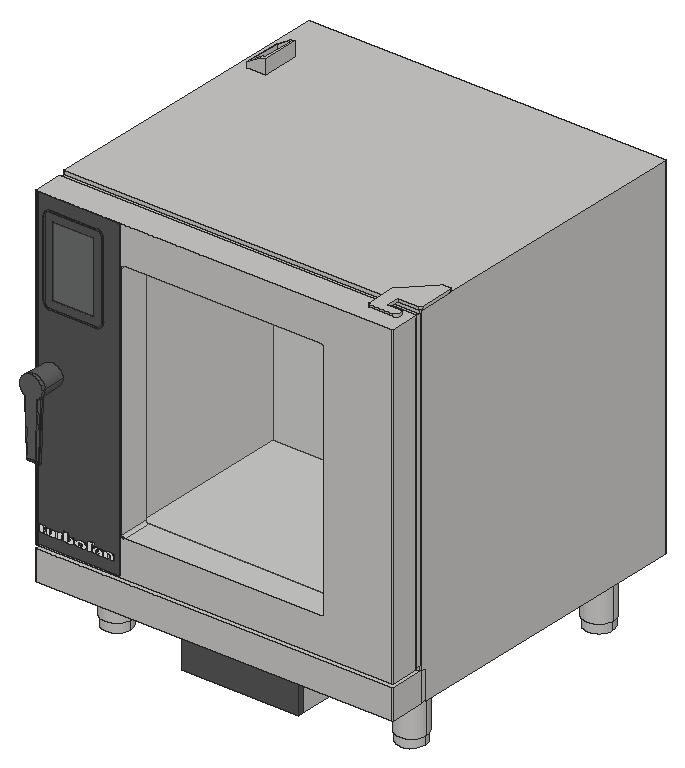
Revit family "QF_MOFFAT_PFEN071--", category Specialty Equipment, Revit 2019
Family settings
  Round Connector Dimension = Use Diameter
  Part Type = Normal
  OmniClass Number = 23.40.40.14
  OmniClass Title = Food Service Equipment
  Work Plane-Based = No
  Always vertical = Yes
  Cut with Voids When Loaded = No
  Shared = No
  Room Calculation Point = No
Parameters (values of type "PFEN071 (480V 3Ph 60Hz) - RH")
  R6 = 6 mm  # constant formula
  Mat_Handle = QF_Plastic-Black-Matte
  Mat_Glass = QF_Glass-Tempered-Clear
  Logo_X = if(Left hinged, 680 mm, 90 mm)  # 90 mm
  Handle_Z = 415 mm  # constant formula
  Filtered Treated Water Supply Size = 20 mm
  Filtered Treated Water Quality = ""
  Filtered Treated Water Flow = 0.0 L/min
  Filtered Treated Water Connection Height = 102 mm
  Exhaust Vent Width = 40 mm
  Exhaust Vent Height = 887 mm
  Exhaust Vent Depth = 80 mm
  Exhaust Static Press = 0.0 Pa
  Direct Waste Size = 40 mm
  Direct Waste Connection Height = 95 mm
  DX_ = if(Right hinged, 0 mm, 20 mm)  # 0 mm
  Weight = 90.00 kg
  Volts = 480 V
  Volt Free Conn = no
  URL Manufacturer = "https://www.moffat.com"
  URL Cutsheet = "PFEN064_0124_en.pdf"
  URL = ""
  Show Symbol [instance] = yes
  Show Opening [instance] = yes
  Show Logo [instance] = yes
  Show Clearance [instance] = no
  SX_ = if(Left hinged, 0 mm, 20 mm)  # 20 mm
  Right hinged = not(Left hinged)  # yes
  R2 = 2 mm  # constant formula
  Potential Equalisation = no
  Leg_R3 = 40 mm  # constant formula
  Leg_R2 = 32.5 mm  # constant formula
  Leg_R1 = 30 mm  # constant formula
  Phase = 3
  Number of Poles = 3
  Model = "PFEN071"
  Mat_Legs = QF_Stainless-Brushed
  Mat_Clearance = QF_Clearance
  Mat_Case = QF_Stainless-Brushed
  Mat_Plastic-Black = QF_Plastic-Black-Glossy
  Masterspec = ""
  Manufacturer = "MOFFAT"
  Main switch integrated = no
  Length Actual = 777 mm  # constant formula
  Legs Height = 120 mm  # constant formula
  Left hinged = no
  Keynote = "0"
  Item Number = "PFEN071"
  Identify Quantity as Lot = no
  Height Actual = 887 mm  # constant formula
  Foodservice Equipment Identifier = yes
  FL Amps = 18 A
  Electrical Remarks = "electrical connection with terminal box"
  Electric power = 12500 W
  Elec Connection Height = 102 mm
  Description = "Electric Combi Oven for bakery&pastry, 7 Trays 600x400"
  Description_FR = ""
  Description_ES = ""
  Description_EN = ""
  Description_DE = ""
  Depth Actual = 744 mm  # constant formula
  Cycle = 60 Hz
  Conn Plug = ""
  Cold Water Size = 20 mm
  Cold Water Consumption = ""
  Cold Water Connection Height = 102 mm
  Clearance_Upper = 500 mm  # constant formula
  Clearance_Side_RH = 50 mm  # constant formula
  Clearance_Side_LH = 50 mm  # constant formula
  Clearance_Rear = 500 mm  # constant formula
  Clearance_Front = 715 mm  # constant formula
  Case_Height = Height Actual - Legs Height  # 767 mm
  CE Approved = yes
  Author = ""
  Accessory = no
Types (20, lengths in mm): name | Logo_X | DX_ | Volts | SX_ | Right hinged | Left hinged | Cycle
  PFEN071 (230V 3Ph 50Hz) - LH | 680 | 20 | 230 V | 0 | no | yes | 50 Hz
  PFEN071 (230V 3Ph 50Hz) - RH | 90 | 0 | 230 V | 20 | yes | no | 50 Hz
  PFEN071 (400V 3NPh 50Hz) - LH | 680 | 20 | 400 V | 0 | no | yes | 50 Hz
  PFEN071 (400V 3NPh 50Hz) - RH | 90 | 0 | 400 V | 20 | yes | no | 50 Hz
  PFEN071 (400V 3Ph 50Hz) - LH | 680 | 20 | 400 V | 0 | no | yes | 50 Hz
  PFEN071 (400V 3Ph 50Hz) - RH | 90 | 0 | 400 V | 20 | yes | no | 50 Hz
  PFEN071 (400V 3Ph 60Hz) - LH | 680 | 20 | 400 V | 0 | no | yes | 60 Hz
  PFEN071 (400V 3Ph 60Hz) - RH | 90 | 0 | 400 V | 20 | yes | no | 60 Hz
  PFEN071 (440V 3Ph 50Hz) - LH | 680 | 20 | 440 V | 0 | no | yes | 50 Hz
  PFEN071 (440V 3Ph 50Hz) - RH | 90 | 0 | 440 V | 20 | yes | no | 50 Hz
  PFEN071 (440V 3Ph 60Hz) - LH | 680 | 20 | 440 V | 0 | no | yes | 60 Hz
  PFEN071 (440V 3Ph 60Hz) - RH | 90 | 0 | 440 V | 20 | yes | no | 60 Hz
  PFEN071 (440V 3NPh 50Hz) - LH | 680 | 20 | 440 V | 0 | no | yes | 50 Hz
  PFEN071 (440V 3NPh 50Hz) - RH | 90 | 0 | 440 V | 20 | yes | no | 50 Hz
  PFEN071 (440V 3NPh 60Hz) - LH | 680 | 20 | 440 V | 0 | no | yes | 60 Hz
  PFEN071 (440V 3NPh 60Hz) - RH | 90 | 0 | 440 V | 20 | yes | no | 60 Hz
  PFEN071 (480V 3Ph 50Hz) - LH | 680 | 20 | 480 V | 0 | no | yes | 50 Hz
  PFEN071 (480V 3Ph 50Hz) - RH | 90 | 0 | 480 V | 20 | yes | no | 50 Hz
  PFEN071 (480V 3Ph 60Hz) - LH | 680 | 20 | 480 V | 0 | no | yes | 60 Hz
  PFEN071 (480V 3Ph 60Hz) - RH | 90 | 0 | 480 V | 20 | yes | no | 60 Hz
Reference planes
  plane 1 "Center (Front/Back)": y = 0
  plane 2: z = 0
  plane 3 "Center (Left/Right)": x = 0
  plane 4 "SX": x = -388.5
  plane 5 "DX": x = 388.5
  plane 6 "FRONT": y = -744
  plane 7 "High": z = 887
  plane 8 "BASE": z = 120
  plane 9: y = -98
  plane 10: y = -608
  plane 11: x = -320.5
  plane 12: x = 320.5
  plane 13: x = -438.5
  plane 14: x = 438.5
  plane 15: y = 500
  plane 16: z = 1387
  plane 17: z = 20
  plane 18: y = -1459
  plane 19: x = -308.5
  plane 20: x = 308.5
  plane 21: y = -200
  plane 22: y = -668
  plane 23: y = -653
  plane 24: z = 184
  plane 25: z = 822
  plane 26: z = 882
  plane 27: z = 270
  plane 28: z = 802
  plane 29: y = 49
  plane 30: z = 857
  plane 31: y = -114
  plane 32: y = -194
  plane 33: x = -368.5
  plane 34: x = -328.5
  plane 35: x = -128
  plane 36: x = 128
  plane 37: z = 8
Forms (mm)
  Extrusion 1, solid, material "QF_Clearance", visible <- "Show Clearance"
    sketch origin (0, 0, 0) x (1, 0, 0) y (0, 1, 0)
      loop
        line (-438.5, -744) -> (438.5, -744) -> (438.5, 0) -> (-438.5, 0) -> (-438.5, -744)
    from 0 to 887
  Extrusion 2, solid, material "QF_Clearance", visible <- "Show Clearance"
    sketch origin (0, 0, 0) x (1, 0, 0) y (0, 1, 0)
      loop
        line (-388.5, -1459) -> (388.5, -1459) -> (388.5, 500) -> (-388.5, 500) -> (-388.5, -1459)
    from 0 to 887
  Extrusion 3, solid, material "QF_Clearance", visible <- "Show Clearance"
    sketch origin (0, 0, 0) x (1, 0, 0) y (0, 1, 0)
      loop
        line (-388.5, -744) -> (388.5, -744) -> (388.5, 0) -> (-388.5, 0) -> (-388.5, -744)
    from 0 to 1387
  Extrusion 4, solid, material "QF_Stainless-Brushed" <- "Mat_Legs", detail levels medium+fine
    sketch origin (-1136.263, -1524, 20) x (-1, 0, 0) y (0, -1, 0)
      loop
        circle (-815.763, -1426) r 32.5
      loop
        circle (-815.763, -916) r 32.5
      loop
        circle (-1456.763, -1426) r 32.5
      loop
        circle (-1456.763, -916) r 32.5
    from 0 to 100
  Extrusion 5, solid, material "QF_Stainless-Brushed" <- "Mat_Legs", detail levels medium+fine
    sketch origin (0, 0, 0) x (1, 0, 0) y (0, 1, 0)
      loop
        circle (-320.5, -98) r 30
      loop
        circle (320.5, -98) r 30
      loop
        circle (-320.5, -608) r 30
      loop
        circle (320.5, -608) r 30
    from 0 to 20
  Extrusion 6, solid, material "QF_Stainless-Brushed" <- "Mat_Case", detail levels medium+fine
    sketch origin (-1043.679, -1524, 184) x (-1, 0, 0) y (0, -1, 0)
      loop
        arc (-657.179, -1524) -> (-655.765, -1523.414) -> (-655.179, -1522) r 2
        line (-655.179, -1522) -> (-655.179, -873) -> (-660.179, -873) -> (-660.179, -871) -> (-655.179, -871) -> (-655.179, -858)
        arc (-655.179, -858) -> (-655.765, -856.586) -> (-657.179, -856) r 2
        line (-657.179, -856) -> (-735.179, -856) -> (-735.179, -1324) -> (-1352.179, -1324) -> (-1352.179, -856) -> (-1430.179, -856)
        arc (-1430.179, -856) -> (-1431.594, -856.586) -> (-1432.179, -858) r 2
        line (-1432.179, -858) -> (-1432.179, -871) -> (-1427.179, -871) -> (-1427.179, -873) -> (-1432.179, -873) -> (-1432.179, -1522)
        arc (-1432.179, -1522) -> (-1431.594, -1523.414) -> (-1430.179, -1524) r 2
        line (-1430.179, -1524) -> (-657.179, -1524)
    from 0 to 638
  Extrusion 7, solid, material "QF_Stainless-Brushed" <- "Mat_Case", detail levels medium+fine
    sketch origin (0, 0, 120) x (-1, 0, 0) y (0, -1, 0)
      loop
        arc (386.5, 0) -> (387.914, 0.586) -> (388.5, 2) r 2
        line (388.5, 2) -> (388.5, 653) -> (386.5, 653) -> (386.5, 668) -> (388.5, 668) -> (388.5, 742)
        arc (388.5, 742) -> (387.914, 743.414) -> (386.5, 744) r 2
        line (386.5, 744) -> (-386.5, 744)
        arc (-386.5, 744) -> (-387.914, 743.414) -> (-388.5, 742) r 2
        line (-388.5, 742) -> (-388.5, 668) -> (-386.5, 668) -> (-386.5, 653) -> (-388.5, 653) -> (-388.5, 2)
        arc (-388.5, 2) -> (-387.914, 0.586) -> (-386.5, 0) r 2
        line (-386.5, 0) -> (386.5, 0)
    from 0 to 64
  Extrusion 8, solid, material "QF_Stainless-Brushed" <- "Mat_Case", detail levels medium+fine
    sketch origin (-1043.679, -1524, 822) x (-1, 0, 0) y (0, -1, 0)
      loop
        arc (-657.179, -1524) -> (-655.765, -1523.414) -> (-655.179, -1522) r 2
        line (-655.179, -1522) -> (-655.179, -858)
        arc (-655.179, -858) -> (-655.765, -856.586) -> (-657.179, -856) r 2
        line (-657.179, -856) -> (-1430.179, -856)
        arc (-1430.179, -856) -> (-1431.594, -856.586) -> (-1432.179, -858) r 2
        line (-1432.179, -858) -> (-1432.179, -1522)
        arc (-1432.179, -1522) -> (-1431.594, -1523.414) -> (-1430.179, -1524) r 2
        line (-1430.179, -1524) -> (-657.179, -1524)
    from 0 to 65
  Extrusion 9, solid, material "QF_Stainless-Brushed" <- "Mat_Case", detail levels medium+fine
    sketch origin (-388.5, 180.447, 4000) x (0, 1, 0) y (0, 0, 1)
      loop
        line (-131.447, -3488) -> (-131.447, -3192) -> (-180.447, -3143) -> (-180.447, -3488) -> (-131.447, -3488)
    from 70 to 220
  Extrusion 10, solid, material "QF_Stainless-Brushed" <- "Mat_Case", detail levels medium+fine
    sketch origin (0, 0, 887) x (-1, 0, 0) y (0, -1, 0)
      loop
        line (368.5, 114) -> (368.5, 194) -> (328.5, 194) -> (328.5, 114) -> (368.5, 114)
      loop
        line (363.5, 119) -> (363.5, 189) -> (333.5, 189) -> (333.5, 119) -> (363.5, 119)
    from 0 to 30
  Extrusion 11, void
    sketch origin (-528.5, -114, 7500) x (1, 0, 0) y (0, 0, 1)
      loop
        line (160, -6583) -> (160, -6603) -> (190, -6583) -> (160, -6583)
    from 0 to 80
  Extrusion 12, solid, material "QF_Plastic-Black-Glossy" <- "Mat_Plastic-Black", detail levels medium+fine
    sketch origin (-619.833, -668, 7500) x (-1, 0, 0) y (0, 0, 1)
      loop
        line (-491.833, -7492) -> (-491.833, -7411)
        arc (-491.833, -7411) -> (-480.833, -7400) -> (-491.833, -7389) r 11
        line (-491.833, -7389) -> (-747.833, -7389)
        arc (-747.833, -7389) -> (-758.833, -7400) -> (-747.833, -7411) r 11
        line (-747.833, -7411) -> (-747.833, -7492) -> (-491.833, -7492)
    from -5 to 5
  Extrusion 13, solid, material "QF_Stainless-Brushed" <- "Mat_Case", detail levels medium+fine
    sketch origin (-619.833, -668, 7500) x (-1, 0, 0) y (0, 0, 1)
      loop
        line (-491.833, -7492) -> (-491.833, -7380) -> (-747.833, -7380) -> (-747.833, -7492) -> (-491.833, -7492)
    from 5 to 468
  Extrusion 14, solid, material "QF_Stainless-Brushed" <- "Mat_Case", detail levels medium+fine
    sketch origin (-619.833, -200, 7500) x (-1, 0, 0) y (0, 0, 1)
      loop
        circle (-619.833, -7405) r 20
    from 0 to 200
Cuts and joins
  joined: Extrusion 1, Extrusion 2, Extrusion 3
  joined: Extrusion 4, Extrusion 5
  joined: Extrusion 6, Extrusion 7, Extrusion 8
  Extrusion 11 cuts Extrusion 10
Lines and regions (mm)
  model lines, style "InvisibleLines"
    curve 1: line (-50, 0, 0) -> (50, 0, 0)
    curve 2: line (0, 50, 0) -> (0, -50, 0)
  model lines, style "QF_Detail Level Coarse", detail levels coarse
    curve 3: line (-388.5, 0, 0) -> (388.5, 0, 0)
    curve 4: line (-388.5, -744, 0) -> (-388.5, 0, 0)
    curve 5: line (388.5, -744, 0) -> (-388.5, -744, 0)
    curve 6: line (388.5, 0, 0) -> (388.5, -744, 0)
    curve 7: line (388.5, -744, 887) -> (388.5, -744, 0)
    curve 8: line (388.5, 0, 887) -> (388.5, 0, 0)
    curve 9: line (-388.5, 0, 887) -> (-388.5, 0, 0)
    curve 10: line (-388.5, 0, 887) -> (388.5, 0, 887)
    curve 11: line (388.5, 0, 887) -> (388.5, -744, 887)
    curve 12: line (-388.5, 0, 887) -> (-388.5, -744, 887)
    curve 13: line (-388.5, -744, 887) -> (388.5, -744, 887)
    curve 14: line (-388.5, -744, 887) -> (-388.5, -744, 0)
Dimensions and locks
  curve 1 to plane 3 "Center (Left/Right)" to curve 1 = 50 mm locked, 50 mm locked
  curve 2 to plane 1 "Center (Front/Back)" to curve 2 = 50 mm locked, 50 mm locked
  locked: plane 6 "FRONT" to plane 1 "Center (Front/Back)" at 744
  equal spacing: plane 4 "SX", plane 3 "Center (Left/Right)", plane 5 "DX"
  locked: plane 4 "SX" to plane 5 "DX" at 777
  "Legs Height": plane 8 "BASE" to plane 2
  "Clearance_Side_RH": plane 5 "DX" to plane 14
  "Clearance_Side_LH": plane 13 to plane 4 "SX"
  "Clearance_Rear": plane 1 "Center (Front/Back)" to plane 15
  "Clearance_Upper": plane 16 to plane 7 "High"
  locked: plane 9 to plane 1 "Center (Front/Back)" at 98
  locked: plane 4 "SX" to plane 11 at 68
  locked: plane 12 to plane 5 "DX" at 68
  "Clearance_Front": plane 6 "FRONT" to plane 18
  plane 17 to plane 2 = 20 mm
  "Case_Height": plane 7 "High" to plane 8 "BASE"
  locked: plane 10 to plane 6 "FRONT" at 136
  locked: plane 4 "SX" to plane 19 at 80
  locked: plane 20 to plane 5 "DX" at 80
  locked: plane 21 to plane 1 "Center (Front/Back)" at 200
  locked: plane 22 to plane 6 "FRONT" at 76
  locked: plane 23 to plane 22 at 15
  locked: Extrusion 6 sketch curve to plane 23 at 2  (x2)
  locked: Extrusion 6 sketch curve to plane 5 "DX" at 5
  locked: plane 4 "SX" to Extrusion 6 sketch curve at 5
  locked: plane 24 to plane 8 "BASE" at 64
  locked: plane 7 "High" to plane 25 at 65
  locked: plane 4 "SX" to Extrusion 7 sketch curve at 2
  locked: Extrusion 7 sketch curve to plane 5 "DX" at 2
  locked: plane 7 "High" to plane 26 at 5
  locked: plane 27 to plane 8 "BASE" at 150
  locked: plane 7 "High" to plane 28 at 85
  "Logo_X": nested 3 to plane 4 "SX"
  locked: plane 1 "Center (Front/Back)" to plane 29 at 49
  locked: plane 7 "High" to Extrusion 9 sketch curve at 375
  locked: plane 7 "High" to plane 30 at 30
  plane 32 to plane 31 to plane 1 "Center (Front/Back)" = 80 mm locked, 114 mm locked
  plane 4 "SX" to plane 33 to plane 34 = 20 mm locked, 40 mm locked
  locked: plane 34 to Extrusion 11 sketch curve at 10
  Extrusion 11 sketch curve to Extrusion 11 sketch curve to plane 7 "High" = 20 mm locked, 10 mm locked
  plane 35 to plane 3 "Center (Left/Right)" to plane 36 = 128 mm locked, 128 mm locked
  locked: plane 8 "BASE" to plane 37 at 112
  locked: plane 8 "BASE" to Extrusion 12 sketch curve at 9
  "Direct Waste Connection Height": Extrusion 14 sketch curve to plane 2
  equal spacing: plane 27, nested 3, plane 24
  "Leg_R2": radius of Extrusion 4 sketch curve  (x4)
  "Leg_R1": radius of Extrusion 5 sketch curve  (x4)
  "R2": radius of Extrusion 6 sketch curve  (x4)
  "R2": radius of Extrusion 7 sketch curve  (x4)
  "R2": radius of Extrusion 8 sketch curve  (x4)
  aligned and locked: level to plane 2
  aligned and locked: plane 1 "Center (Front/Back)" to curve 3
  aligned and locked: plane 4 "SX" to curve 4
  aligned and locked: level to curve 8
  aligned and locked: level to curve 7
  aligned and locked: level to curve 9
  aligned and locked: curve 8 to plane 1 "Center (Front/Back)"
  aligned and locked: curve 9 to plane 1 "Center (Front/Back)"
  aligned and locked: curve 13 to plane 6 "FRONT"
  aligned and locked: curve 10 to plane 7 "High"
  aligned and locked: curve 12 to plane 7 "High"
  aligned and locked: curve 11 to plane 7 "High"
  aligned and locked: curve 9 to curve 11
  aligned and locked: curve 14 to curve 9
  aligned and locked: curve 7 to curve 14
  aligned and locked: Extrusion 1 sketch curve to plane 13
  aligned and locked: Extrusion 1 sketch curve to plane 14
  aligned and locked: Extrusion 1 sketch curve to plane 6 "FRONT"
  aligned and locked: Extrusion 1 sketch curve to plane 1 "Center (Front/Back)"
  aligned and locked: plane 7 "High" to Extrusion 1
  aligned and locked: Extrusion 1 to plane 2
  aligned and locked: Extrusion 2 sketch curve to plane 4 "SX"
  aligned and locked: plane 5 "DX" to Extrusion 2 sketch curve
  aligned and locked: plane 15 to Extrusion 2 sketch curve
  aligned and locked: plane 7 "High" to Extrusion 2
  aligned and locked: Extrusion 2 to plane 2
  aligned and locked: Extrusion 3 sketch curve to plane 4 "SX"
  aligned and locked: plane 5 "DX" to Extrusion 3 sketch curve
  aligned and locked: Extrusion 3 sketch curve to plane 6 "FRONT"
  aligned and locked: Extrusion 3 sketch curve to plane 1 "Center (Front/Back)"
  aligned and locked: Extrusion 3 to plane 2
  aligned and locked: plane 16 to Extrusion 3
  aligned and locked: plane 11 to Extrusion 4 sketch curve  (x2)
  aligned and locked: plane 12 to Extrusion 4 sketch curve  (x2)
  aligned and locked: plane 9 to Extrusion 4 sketch curve  (x2)
  aligned and locked: plane 10 to Extrusion 4 sketch curve  (x2)
  aligned and locked: Extrusion 4 to plane 17
  aligned and locked: plane 11 to Extrusion 5 sketch curve  (x2)
  aligned and locked: plane 12 to Extrusion 5 sketch curve  (x2)
  aligned and locked: plane 9 to Extrusion 5 sketch curve  (x2)
  aligned and locked: plane 10 to Extrusion 5 sketch curve  (x2)
  aligned and locked: Extrusion 5 to plane 2
  aligned and locked: plane 17 to Extrusion 5
  aligned and locked: Extrusion 2 sketch curve to plane 18
  aligned and locked: plane 8 "BASE" to Extrusion 4
  aligned and locked: Extrusion 6 sketch curve to plane 5 "DX"  (x2)
  aligned and locked: plane 1 "Center (Front/Back)" to Extrusion 6 sketch curve
  aligned and locked: plane 4 "SX" to Extrusion 6 sketch curve  (x2)
  aligned and locked: plane 22 to Extrusion 6 sketch curve  (x2)
  aligned and locked: plane 23 to Extrusion 6 sketch curve
  aligned and locked: Extrusion 6 sketch curve to plane 23
  aligned and locked: plane 25 to Extrusion 6
  aligned and locked: Extrusion 6 sketch curve to plane 21
  aligned and locked: plane 19 to Extrusion 6 sketch curve
  aligned and locked: Extrusion 6 sketch curve to plane 20
  aligned and locked: plane 1 "Center (Front/Back)" to Extrusion 7 sketch curve
  aligned and locked: Extrusion 7 sketch curve to plane 5 "DX"  (x2)
  aligned and locked: plane 4 "SX" to Extrusion 7 sketch curve  (x2)
  aligned and locked: plane 6 "FRONT" to Extrusion 7 sketch curve
  aligned and locked: plane 23 to Extrusion 7 sketch curve
  aligned and locked: plane 22 to Extrusion 7 sketch curve  (x2)
  aligned and locked: Extrusion 7 sketch curve to plane 23
  aligned and locked: plane 24 to Extrusion 7
  aligned and locked: plane 1 "Center (Front/Back)" to Extrusion 8 sketch curve
  aligned and locked: plane 22 to Extrusion 8 sketch curve
  aligned and locked: Extrusion 8 sketch curve to plane 5 "DX"
  aligned and locked: plane 4 "SX" to Extrusion 8 sketch curve
  aligned and locked: plane 7 "High" to Extrusion 8
  aligned and locked: Extrusion 9 sketch curve to plane 1 "Center (Front/Back)"
  aligned and locked: plane 30 to Extrusion 9 sketch curve
  aligned and locked: Extrusion 9 sketch curve to plane 29
  aligned and locked: Extrusion 10 sketch curve to plane 31
  aligned and locked: plane 33 to Extrusion 10 sketch curve
  aligned and locked: plane 32 to Extrusion 10 sketch curve
  aligned and locked: Extrusion 10 sketch curve to plane 34
  aligned and locked: plane 33 to Extrusion 11 sketch curve
  aligned and locked: Extrusion 11 to plane 32
  aligned and locked: plane 37 to Extrusion 12 sketch curve
  aligned and locked: Extrusion 12 sketch curve to plane 36
  aligned and locked: Extrusion 12 sketch curve to plane 35
  aligned and locked: plane 35 to Extrusion 13 sketch curve
  aligned and locked: Extrusion 13 sketch curve to plane 36
  aligned and locked: plane 8 "BASE" to Extrusion 13 sketch curve
  aligned and locked: Extrusion 13 sketch curve to plane 37
  aligned and locked: plane 21 to Extrusion 13
  aligned and locked: plane 1 "Center (Front/Back)" to nested 1  (x2)
  aligned and locked: plane 3 "Center (Left/Right)" to nested 1
  aligned and locked: plane 1 "Center (Front/Back)" to nested 4
  aligned and locked: plane 1 "Center (Front/Back)" to nested 5
  aligned and locked: plane 5 "DX" to nested 4
  aligned and locked: plane 5 "DX" to nested 5
  aligned and locked: nested 5 to plane 5 "DX"
  aligned and locked: plane 1 "Center (Front/Back)" to nested 2
  aligned and locked: plane 3 "Center (Left/Right)" to nested 2
  aligned and locked: Extrusion 14 to plane 1 "Center (Front/Back)"
  aligned and locked: nested 6 to plane 6 "FRONT"
  aligned and locked: plane 3 "Center (Left/Right)" to nested 6
  aligned and locked: plane 6 "FRONT" to nested 7
  aligned and locked: plane 3 "Center (Left/Right)" to nested 7
Automatic sketch dimensions
  curve 10 to plane 4 "SX" = 0 mm
  curve 10 to plane 5 "DX" = 0 mm
  curve 2 to plane 3 "Center (Left/Right)" = 0 mm
  curve 5 to plane 5 "DX" = 0 mm
  curve 4 to plane 6 "FRONT" = 0 mm
  plane 1 "Center (Front/Back)" to curve 1 = 0 mm
  curve 8 to plane 7 "High" = 0 mm
  curve 7 to plane 7 "High" = 0 mm
  curve 11 to plane 6 "FRONT" = 0 mm
  curve 11 to plane 1 "Center (Front/Back)" = 0 mm
  curve 12 to plane 6 "FRONT" = 0 mm
  curve 12 to plane 1 "Center (Front/Back)" = 0 mm
  curve 14 to level = 0 mm
  curve 14 to plane 7 "High" = 0 mm
  curve 13 to plane 5 "DX" = 0 mm
  curve 13 to plane 4 "SX" = 0 mm
  plane 28 to Extrusion 9 sketch curve = 6 mm
  Extrusion 10 sketch curve to plane 34 = 5 mm
  plane 33 to Extrusion 10 sketch curve = 5 mm
  Extrusion 10 sketch curve to plane 31 = 5 mm
  plane 32 to Extrusion 10 sketch curve = 5 mm
  Extrusion 12 sketch curve to Extrusion 12 sketch curve = 11 mm  (x2)
  Extrusion 14 sketch curve to plane 3 "Center (Left/Right)" = 0 mm
  radius of Extrusion 14 sketch curve = 20 mm
Nested families
  nested 1: "QF_Connection_SE" at (0, 0, 102), Symbol_Visible <- "Show Symbol", built-in parameter 1001364 <- "Elec Connection Height", type "KTM"
    with Symbol_Width_DX 0 mm, Symbol_Width Offset 0 mm, Symbol_Width DX-SX yes, Symbol_Visible yes, Symbol_Depth_Up-Dn yes, Symbol_Depth_Up 200 mm, Symbol_Depth Offset 100 mm, Symbol Graphic none, Connector_Width_DX 70 mm, Connector Holder_Width Offset 35 mm, Connector Holder_Width DX-SX yes, Connector Holder_Visible no, Connector Holder_Depth Offset 42 mm
  nested 2: "QF_Connection_SE" at (0, 0, 95), Symbol_Visible <- "Show Symbol", built-in parameter 1001364 <- "Direct Waste Connection Height", type "KTM"
    with Symbol_Width_DX 0 mm, Symbol_Width Offset 200 mm, Symbol_Width DX-SX no, Symbol_Visible yes, Symbol_Depth_Up-Dn yes, Symbol_Depth_Up 200 mm, Symbol_Depth Offset 100 mm, Symbol Graphic none, Connector_Width_DX 0 mm, Connector Holder_Width Offset 0 mm, Connector Holder_Width DX-SX yes, Connector Holder_Visible no, Connector Holder_Depth Offset 0 mm
  nested 3: "Combi_Logo_Turbofan160" at (-298.5, -744, 227) x (1, 0, 0) z (0, -1, 0), visible <- "Show Logo", type "KTM", detail levels medium+fine
    with MAT_Handle QF_Plastic-White-Glossy
  nested 4: "QF_Connection_SE" at (388.5, 0, 102), Symbol_Visible <- "Show Symbol", built-in parameter 1001364 <- "Filtered Treated Water Connection Height", type "KTM"
    with Symbol_Width_DX 400 mm, Symbol_Width Offset 200 mm, Symbol_Width DX-SX yes, Symbol_Visible yes, Symbol_Depth_Up-Dn yes, Symbol_Depth_Up 200 mm, Symbol_Depth Offset 100 mm, Symbol Graphic none, Connector_Width_DX 0 mm, Connector Holder_Width Offset 103 mm, Connector Holder_Width DX-SX no, Connector Holder_Visible no, Connector Holder_Depth Offset 42 mm
  nested 5: "QF_Connection_SE" at (388.5, 0, 102), Symbol_Visible <- "Show Symbol", built-in parameter 1001364 <- "Cold Water Connection Height", type "KTM"
    with Symbol_Width_DX 100 mm, Symbol_Width Offset 50 mm, Symbol_Width DX-SX yes, Symbol_Visible yes, Symbol_Depth_Up-Dn yes, Symbol_Depth_Up 200 mm, Symbol_Depth Offset 100 mm, Symbol Graphic none, Connector_Width_DX 0 mm, Connector Holder_Width Offset 178 mm, Connector Holder_Width DX-SX no, Connector Holder_Visible no, Connector Holder_Depth Offset 42 mm
  nested 6: "Puff_Door_B" at (0, -744, 0), visible <- "Left hinged", Case_Height <- "Case_Height", Legs Height <- "Legs Height", Handle_Z <- "Handle_Z", Show Opening <- "Show Opening", Mat_Case <- "Mat_Case", Mat_Glass <- "Mat_Glass", Mat_Handle <- "Mat_Handle", Mat_Plastic-Black <- "Mat_Plastic-Black", type "ktm"
    with Show Opening yes, Mat_Plastic-Black QF_Plastic-Black-Glossy, Mat_Handle QF_Plastic-Black-Matte, Mat_Glass QF_Glass-Tempered-Clear, Mat_Case QF_Stainless-Brushed, Legs Height 120 mm, Handle_Z 415 mm, Case_Height 767 mm
  nested 7: "Puff_Door_B" at (0, -744, 0) x (-1, 0, 0) z (0, 0, 1), visible <- "Right hinged", Case_Height <- "Case_Height", Legs Height <- "Legs Height", Handle_Z <- "Handle_Z", Show Opening <- "Show Opening", Mat_Case <- "Mat_Case", Mat_Glass <- "Mat_Glass", Mat_Handle <- "Mat_Handle", Mat_Plastic-Black <- "Mat_Plastic-Black", type "ktm"
    with Show Opening yes, Mat_Plastic-Black QF_Plastic-Black-Glossy, Mat_Handle QF_Plastic-Black-Matte, Mat_Glass QF_Glass-Tempered-Clear, Mat_Case QF_Stainless-Brushed, Legs Height 120 mm, Handle_Z 415 mm, Case_Height 767 mm
Connectors
  electrical at (35, -41.5, 102), driven by "Volts", driven by "Electric power", driven by "Electrical Remarks", driven by "Number of Poles"
    settings: on nested 1, index 23, voltage 480 V, apparent load 12500 VA, apparent load phase1 0 VA, apparent load phase2 0 VA, apparent load phase3 0 VA, power factor 1, load classification "Power", number of poles 3, system type 30, power factor state 1, is connector primary yes, connector utility no, sub classification motor no, connector description "electrical connection with terminal box"
  piping at (285.5, -42, 101.5), diameter 20, driven by "Filtered Treated Water Supply Size", driven by "Filtered Treated Water Flow"
    settings: on nested 4, index 25, connector inside diameter 609.6 mm, connector length 0 mm, flow factor 0, pipe flow 0.0 L/min, pressure drop 0.0 Pa, fitting loss kfactor 0, connector angle 0.00°, fixture units 0, engagement length 0 mm, angle of deflection 0.00°, flow configuration 0, flow direction 1, fitting loss method 0, system type 20, joint type 0, gender type 0, connector reference index -1, connector utility 0, adjustable connector no, is connector primary yes, connector description "W2 Softened water inlet"
  piping at (210.5, -42, 101.5), diameter 20, driven by "Cold Water Size"
    settings: on nested 5, index 26, connector inside diameter 609.6 mm, connector length 0 mm, flow factor 0, pipe flow 0.0 L/min, pressure drop 0.0 Pa, fitting loss kfactor 0, connector angle 0.00°, fixture units 0, engagement length 0 mm, angle of deflection 0.00°, flow configuration 0, flow direction 1, fitting loss method 0, system type 20, joint type 0, gender type 0, connector reference index -1, connector utility 0, adjustable connector no, is connector primary no, connector description "W1 Water inlet"
  piping at (0, 0.5, 95), diameter 40, driven by "Direct Waste Size"
    settings: on nested 2, index 27, connector inside diameter 609.6 mm, connector length 0 mm, flow factor 0, pipe flow 0.0 L/min, pressure drop 0.0 Pa, fitting loss kfactor 0, connector angle 0.00°, fixture units 0, engagement length 0 mm, angle of deflection 0.00°, flow configuration 0, flow direction 2, fitting loss method 0, system type 16, joint type 0, gender type 0, connector reference index -1, connector utility 0, adjustable connector no, is connector primary no, connector description "Direct Waste"
  hvac at (-348.5, -154, 887), driven by "Exhaust Vent Width", driven by "Exhaust Vent Depth", driven by "Exhaust Static Press"
    settings: on cut or joined group of Extrusion 10, Extrusion 11, index 28, duct flow 0.0 L/s, flow factor 0, pres drop 0.0 Pa, loss coef 0, conn angle 0.00°, conn width 40 mm, conn height 80 mm, conn diameter 609.6 mm, duct sys type 3, conn prof type 1, flow config 0, flow direction 2, loss method 4, conn ref index -1, conn util no, is conn primary yes, conn desc "Exhaust vent"
Definition of nested family "Combi_Logo_Turbofan160"
  Parameters (values of type "KTM")
    MAT_Handle [instance] = none
    Default Elevation = 0 mm
  Reference planes
    plane 1 "Center (Front/Back)": y = 0
    plane 2: z = 0
    plane 3 "Center (Left/Right)": x = 0
  Forms (mm)
    Extrusion 1, solid, material <- "MAT_Handle"
      sketch origin (0, 0, 0) x (1, 0, 0) y (0, 1, 0)
        loop
          line (-58.759, -2.32) -> (-58.759, 5.275) -> (-65.172, 5.275) -> (-65.172, -3.582)
          arc (-65.172, -3.582) -> (-64.651, -5.213) -> (-63.28, -6.24) r 2.814
          arc (-63.28, -6.24) -> (-57.335, -7.492) -> (-51.267, -7.22) r 24.135
          line (-51.267, -7.22) -> (-44.931, -6.126) -> (-44.931, 5.275) -> (-53.235, 5.275) -> (-53.235, -3.902) -> (-56.309, -4.403)
          arc (-56.309, -4.403) -> (-58.016, -3.927) -> (-58.759, -2.32) r 2.11
        loop
          line (-31.587, 2.611) -> (-29.844, 2.471) -> (-29.844, 5.843)
          arc (-29.844, 5.843) -> (-35.742, 5.764) -> (-41.521, 4.583) r 31.377
          line (-41.521, 4.583) -> (-41.521, -6.957) -> (-33.106, -6.957) -> (-33.106, 1.208)
          arc (-33.106, 1.208) -> (-32.653, 2.242) -> (-31.587, 2.611) r 1.407
        loop
          arc (-78.015, -6.494) -> (-73.384, -7.447) -> (-68.656, -7.497) r 24.624
          line (-68.656, -7.497) -> (-68.656, -4.421) -> (-69.794, -4.25)
          arc (-69.794, -4.25) -> (-70.651, -3.777) -> (-70.992, -2.859) r 1.407
          line (-70.992, -2.859) -> (-70.992, 2.471) -> (-67.025, 2.471) -> (-67.025, 5.843) -> (-70.992, 5.843) -> (-70.992, 8.251) -> (-80, 8.251) -> (-80, -3.805)
          arc (-80, -3.805) -> (-79.45, -5.477) -> (-78.015, -6.494) r 2.814
        loop
          line (33.607, 8.503) -> (35.284, 8.503) -> (35.284, 11.348)
          arc (35.284, 11.348) -> (30.483, 11.528) -> (25.758, 10.663) r 22.037
          arc (25.758, 10.663) -> (24.306, 9.648) -> (23.749, 7.967) r 2.814
          line (23.749, 7.967) -> (23.749, -6.957) -> (32.2, -6.957) -> (32.2, 2.106) -> (37.139, 2.106) -> (37.139, 5.275) -> (32.2, 5.275) -> (32.2, 7.097)
          arc (32.2, 7.097) -> (32.612, 8.091) -> (33.607, 8.503) r 1.407
        loop
          arc (-28.299, -6.629) -> (-19.588, -7.685) -> (-10.878, -6.629) r 36.436
          arc (-10.878, -6.629) -> (-8.253, -5.406) -> (-6.288, -3.277) r 7.487
          arc (-6.288, -3.277) -> (-6.165, 2.771) -> (-11.383, 5.831) r 5.979
          line (-11.383, 5.831) -> (-17.924, 5.831) -> (-17.924, 2.632) -> (-15.581, 2.632)
          arc (-15.581, 2.632) -> (-12.929, 1.415) -> (-12.121, -1.389) r 3.499
          arc (-12.121, -1.389) -> (-12.928, -3.081) -> (-14.54, -4.036) r 3.22
          arc (-14.54, -4.036) -> (-17.196, -4.25) -> (-19.785, -3.621) r 8.391
          line (-19.785, -3.621) -> (-19.785, 11.804) -> (-28.299, 11.804) -> (-28.299, -6.629)
        loop
          arc (0.442, -6.088) -> (8.875, -7.464) -> (17.308, -6.088) r 26.526
          arc (17.308, -6.088) -> (19.754, -4.812) -> (21.683, -2.84) r 8.794
          arc (21.683, -2.84) -> (22.332, -0.805) -> (21.683, 1.231) r 3.517
          arc (21.683, 1.231) -> (19.754, 3.202) -> (17.308, 4.479) r 8.794
          arc (17.308, 4.479) -> (8.875, 5.855) -> (0.442, 4.479) r 26.526
          arc (0.442, 4.479) -> (-2.004, 3.202) -> (-3.934, 1.231) r 8.794
          arc (-3.934, 1.231) -> (-4.583, -0.805) -> (-3.934, -2.84) r 3.517
          arc (-3.934, -2.84) -> (-2.004, -4.812) -> (0.442, -6.088) r 8.794
        loop
          arc (4.961, -3.445) -> (8.875, -4.755) -> (12.789, -3.445) r 6.503
          arc (12.789, -3.445) -> (14.105, -0.805) -> (12.789, 1.836) r 3.306
          arc (12.789, 1.836) -> (8.875, 3.145) -> (4.961, 1.836) r 6.503
          arc (4.961, 1.836) -> (3.645, -0.805) -> (4.961, -3.445) r 3.306
        loop
          line (73.587, 0.638) -> (73.587, -6.957) -> (80, -6.957) -> (80, 1.9)
          arc (80, 1.9) -> (79.479, 3.532) -> (78.108, 4.559) r 2.814
          arc (78.108, 4.559) -> (72.163, 5.81) -> (66.095, 5.538) r 24.135
          line (66.095, 5.538) -> (59.76, 4.444) -> (59.76, -6.957) -> (68.063, -6.957) -> (68.063, 2.221) -> (71.138, 2.721)
          arc (71.138, 2.721) -> (72.844, 2.246) -> (73.587, 0.638) r 2.11
        loop
          line (48.284, 0.788) -> (48.284, -3.972)
          arc (48.284, -3.972) -> (45.544, -4.369) -> (42.824, -3.855) r 8.411
          arc (42.824, -3.855) -> (42.057, -2.791) -> (42.759, -1.682) r 1.171
          arc (42.759, -1.682) -> (44.595, -1.188) -> (46.495, -1.251) r 6.435
          line (46.495, -1.251) -> (46.495, 1.479)
          arc (46.495, 1.479) -> (42.786, 1.923) -> (39.074, 1.509) r 16.27
          arc (39.074, 1.509) -> (37.375, 0.978) -> (35.777, 0.195) r 11.655
          arc (35.777, 0.195) -> (34.37, -1.862) -> (35.055, -4.259) r 2.931
          arc (35.055, -4.259) -> (36.966, -5.84) -> (39.28, -6.731) r 7.698
          arc (39.28, -6.731) -> (48.191, -7.569) -> (57.066, -6.407) r 40.026
          line (57.066, -6.407) -> (57.066, 1.658)
          arc (57.066, 1.658) -> (56.422, 3.466) -> (54.92, 4.659) r 3.489
          arc (54.92, 4.659) -> (51.793, 5.577) -> (48.543, 5.805) r 15.165
          line (48.543, 5.805) -> (41.413, 5.537) -> (41.413, 2.679) -> (46.075, 2.896)
          arc (46.075, 2.896) -> (47.63, 2.315) -> (48.284, 0.788) r 2.11
      from 0 to 1
  Dimensions and locks
    aligned and locked: level to plane 2
Definition of nested family "Puff_Door_B"
  Parameters (values of type "ktm")
    Show Opening [instance] = yes
    R6 = 6 mm  # constant formula
    Mat_Handle [instance] = none
    Mat_Glass [instance] = none
    Handle_Z [instance] = 415 mm
    URL = ""
    R2 = 2 mm  # constant formula
    Model = ""
    Mat_Case [instance] = none
    Mat_Plastic-Black [instance] = none
    Manufacturer = ""
    Legs Height [instance] = 120 mm
    Keynote = "0"
    Description = ""
    Case_Height [instance] = 767 mm
  Reference planes
    plane 1 "Center (Front/Back)": y = 0
    plane 2: z = 0
    plane 3 "Center (Left/Right)": x = 0
    plane 4 "SX": x = -388.5
    plane 5 "DX": x = 388.5
    plane 6 "High": z = 887
    plane 7 "BASE": z = 120
    plane 8: x = -308.5
    plane 9: x = 308.5
    plane 10: y = 76
    plane 11: y = 91
    plane 12: z = 184
    plane 13: z = 822
    plane 14: x = -238.5
    plane 15: x = 201.5
    plane 16: x = 204.5
    plane 17: x = 384.5
    plane 18: y = 65
    plane 19: z = 882
    plane 20: z = 270
    plane 21: z = 802
  Forms (mm)
    Extrusion 1, solid, material <- "Mat_Case", detail levels medium+fine
      sketch origin (-1043.679, -1524, 184) x (-1, 0, 0) y (0, -1, 0)
        loop
          arc (-657.179, -1589) -> (-655.765, -1588.414) -> (-655.179, -1587) r 2
          line (-655.179, -1587) -> (-655.179, -1526)
          arc (-655.179, -1526) -> (-655.765, -1524.586) -> (-657.179, -1524) r 2
          line (-657.179, -1524) -> (-1430.179, -1524)
          arc (-1430.179, -1524) -> (-1431.594, -1524.586) -> (-1432.179, -1526) r 2
          line (-1432.179, -1526) -> (-1432.179, -1587)
          arc (-1432.179, -1587) -> (-1431.594, -1588.414) -> (-1430.179, -1589) r 2
          line (-1430.179, -1589) -> (-657.179, -1589)
      from 8 to 698
    Extrusion 2, void
      sketch origin (-909.885, 0, 4000) x (-1, 0, 0) y (0, 0, 1)
        loop
          line (-677.385, -3198) -> (-1105.385, -3198)
          arc (-1105.385, -3198) -> (-1109.628, -3199.757) -> (-1111.385, -3204) r 6
          line (-1111.385, -3204) -> (-1111.385, -3724)
          arc (-1111.385, -3724) -> (-1109.628, -3728.243) -> (-1105.385, -3730) r 6
          line (-1105.385, -3730) -> (-677.385, -3730)
          arc (-677.385, -3730) -> (-673.143, -3728.243) -> (-671.385, -3724) r 6
          line (-671.385, -3724) -> (-671.385, -3204)
          arc (-671.385, -3204) -> (-673.143, -3199.757) -> (-677.385, -3198) r 6
      from -10 to 91
    Extrusion 3, solid, material <- "Mat_Glass", detail levels medium+fine
      sketch origin (-909.885, 0, 4000) x (-1, 0, 0) y (0, 0, 1)
        loop
          line (-677.385, -3198) -> (-1105.385, -3198)
          arc (-1105.385, -3198) -> (-1109.628, -3199.757) -> (-1111.385, -3204) r 6
          line (-1111.385, -3204) -> (-1111.385, -3724)
          arc (-1111.385, -3724) -> (-1109.628, -3728.243) -> (-1105.385, -3730) r 6
          line (-1105.385, -3730) -> (-677.385, -3730)
          arc (-677.385, -3730) -> (-673.143, -3728.243) -> (-671.385, -3724) r 6
          line (-671.385, -3724) -> (-671.385, -3204)
          arc (-671.385, -3204) -> (-673.143, -3199.757) -> (-677.385, -3198) r 6
      from 0 to 65
    Extrusion 4, void
      sketch origin (-909.885, 0, 4000) x (-1, 0, 0) y (0, 0, 1)
        loop
          line (-1116.385, -3120) -> (-1292.385, -3120)
          arc (-1292.385, -3120) -> (-1293.8, -3120.586) -> (-1294.385, -3122) r 2
          line (-1294.385, -3122) -> (-1294.385, -3804)
          arc (-1294.385, -3804) -> (-1293.8, -3805.414) -> (-1292.385, -3806) r 2
          line (-1292.385, -3806) -> (-1116.385, -3806)
          arc (-1116.385, -3806) -> (-1114.971, -3805.414) -> (-1114.385, -3804) r 2
          line (-1114.385, -3804) -> (-1114.385, -3122)
          arc (-1114.385, -3122) -> (-1114.971, -3120.586) -> (-1116.385, -3120) r 2
      from 0 to 2
    Extrusion 5, solid, material <- "Mat_Plastic-Black", detail levels medium+fine
      sketch origin (-909.885, 0, 4000) x (-1, 0, 0) y (0, 0, 1)
        loop
          line (-1114.385, -3804) -> (-1114.385, -3122)
          arc (-1114.385, -3122) -> (-1114.971, -3120.586) -> (-1116.385, -3120) r 2
          line (-1116.385, -3120) -> (-1292.385, -3120)
          arc (-1292.385, -3120) -> (-1293.8, -3120.586) -> (-1294.385, -3122) r 2
          line (-1294.385, -3122) -> (-1294.385, -3804)
          arc (-1294.385, -3804) -> (-1293.8, -3805.414) -> (-1292.385, -3806) r 2
          line (-1292.385, -3806) -> (-1116.385, -3806)
          arc (-1116.385, -3806) -> (-1114.971, -3805.414) -> (-1114.385, -3804) r 2
        loop
          arc (-1166.385, -3340) -> (-1155.779, -3335.607) -> (-1151.385, -3325) r 15
          line (-1151.385, -3325) -> (-1151.385, -3161)
          arc (-1151.385, -3161) -> (-1155.779, -3150.393) -> (-1166.385, -3146) r 15
          line (-1166.385, -3146) -> (-1266.385, -3146)
          arc (-1266.385, -3146) -> (-1276.992, -3150.393) -> (-1281.385, -3161) r 15
          line (-1281.385, -3161) -> (-1281.385, -3325)
          arc (-1281.385, -3325) -> (-1276.992, -3335.607) -> (-1266.385, -3340) r 15
          line (-1266.385, -3340) -> (-1166.385, -3340)
      from 0 to 2
    Extrusion 6, solid, detail levels medium+fine
      sketch origin (-619.833, 65, 7500) x (-1, 0, 0) y (0, 0, 1)
        loop
          line (-233.333, -6620) -> (-1006.333, -6620) -> (-1006.333, -7306) -> (-233.333, -7306) -> (-233.333, -6620)
        loop
          line (-253.333, -6640) -> (-986.333, -6640) -> (-986.333, -7286) -> (-253.333, -7286) -> (-253.333, -6640)
      from 0 to 11
    Extrusion 7, solid, detail levels medium+fine
      sketch origin (-1154.265, -1524, 887) x (-1, 0, 0) y (0, -1, 0)
        loop
          line (-790.223, -1555.212) -> (-840.765, -1555.212)
          arc (-840.765, -1555.212) -> (-844.301, -1556.676) -> (-845.765, -1560.212) r 5
          line (-845.765, -1560.212) -> (-845.765, -1624.929)
          arc (-845.765, -1624.929) -> (-845.385, -1626.842) -> (-844.301, -1628.464) r 5
          line (-844.301, -1628.464) -> (-789.23, -1683.536)
          arc (-789.23, -1683.536) -> (-787.608, -1684.619) -> (-785.694, -1685) r 5
          line (-785.694, -1685) -> (-770.765, -1685)
          arc (-770.765, -1685) -> (-767.23, -1683.536) -> (-765.765, -1680) r 5
          line (-765.765, -1680) -> (-765.765, -1605)
          arc (-765.765, -1605) -> (-767.23, -1601.464) -> (-770.765, -1600) r 5
          line (-770.765, -1600) -> (-815.765, -1600) -> (-815.765, -1573) -> (-790.223, -1573)
          arc (-790.223, -1573) -> (-781.329, -1564.106) -> (-790.223, -1555.212) r 8.894
      from 0 to 5
  Cuts and joins
    Extrusion 2, Extrusion 4 cuts Extrusion 1
  Dimensions and locks
    equal spacing: plane 4 "SX", plane 3 "Center (Left/Right)", plane 5 "DX"
    locked: plane 4 "SX" to plane 5 "DX" at 777
    "Legs Height": plane 7 "BASE" to plane 2
    "Case_Height": plane 6 "High" to plane 7 "BASE"
    locked: plane 4 "SX" to plane 8 at 80
    locked: plane 9 to plane 5 "DX" at 80
    locked: plane 11 to plane 10 at 15
    locked: plane 12 to plane 7 "BASE" at 64
    locked: plane 6 "High" to plane 13 at 65
    locked: plane 4 "SX" to plane 14 at 150
    locked: plane 14 to plane 15 at 440
    locked: plane 15 to plane 16 at 3
    locked: plane 17 to plane 5 "DX" at 4
    locked: plane 10 to plane 18 at 11
    locked: plane 6 "High" to plane 19 at 5
    locked: plane 20 to plane 7 "BASE" at 150
    locked: plane 6 "High" to plane 21 at 85
    locked: Extrusion 4 sketch curve to plane 12 at 10
    locked: plane 19 to Extrusion 4 sketch curve at 2
    locked: plane 19 to nested 1 at 125
    locked: plane 17 to nested 1 at 78
    Extrusion 6 sketch curve to Extrusion 6 sketch curve to plane 4 "SX" = 20 mm locked, 2 mm locked
    plane 19 to Extrusion 6 sketch curve to Extrusion 6 sketch curve = 2 mm locked, 20 mm locked
    Extrusion 6 sketch curve to Extrusion 6 sketch curve to plane 5 "DX" = 20 mm locked, 2 mm locked
    Extrusion 6 sketch curve to Extrusion 6 sketch curve to plane 12 = 20 mm locked, 10 mm locked
    locked: plane 5 "DX" to nested 2 at 35
    locked: plane 1 "Center (Front/Back)" to plane 10 at 76
    "Handle_Z": nested 2 to plane 7 "BASE"
    "R2": radius of Extrusion 1 sketch curve  (x4)
    "R6": radius of Extrusion 2 sketch curve  (x4)
    "R6": radius of Extrusion 3 sketch curve  (x4)
    radius of Extrusion 4 sketch curve = 2 mm  (x4)
    aligned and locked: level to plane 2
    aligned and locked: Extrusion 1 sketch curve to plane 5 "DX"
    aligned and locked: plane 4 "SX" to Extrusion 1 sketch curve
    aligned and locked: Extrusion 1 sketch curve to plane 18
    aligned and locked: plane 19 to Extrusion 1
    aligned and locked: Extrusion 2 sketch curve to plane 20
    aligned and locked: plane 15 to Extrusion 2 sketch curve
    aligned and locked: Extrusion 2 sketch curve to plane 14
    aligned and locked: plane 21 to Extrusion 2 sketch curve
    aligned and locked: plane 11 to Extrusion 2
    aligned and locked: plane 14 to Extrusion 3 sketch curve
    aligned and locked: Extrusion 3 sketch curve to plane 21
    aligned and locked: Extrusion 3 sketch curve to plane 15
    aligned and locked: plane 20 to Extrusion 3 sketch curve
    aligned and locked: plane 18 to Extrusion 3
    aligned and locked: Extrusion 4 sketch curve to plane 17
    aligned and locked: plane 16 to Extrusion 4 sketch curve
    aligned and locked: Extrusion 5 sketch curve to cut or joined group of Extrusion 1, Extrusion 2, Extrusion 4  (x4)
    aligned and locked: Extrusion 5 sketch curve to nested 1  (x4)
    aligned and locked: plane 10 to Extrusion 6
    aligned and locked: plane 4 "SX" to Extrusion 7 sketch curve
    aligned and locked: plane 10 to Extrusion 7 sketch curve
    aligned and locked: plane 3 "Center (Left/Right)" to nested 3
    aligned and locked: plane 18 to nested 3
  Automatic sketch dimensions
    Extrusion 7 sketch curve to plane 8 = 0 mm
    Extrusion 7 sketch curve to plane 8 = 1.464 mm
    Extrusion 7 sketch curve to Extrusion 7 sketch curve = 5 mm  (x2)
    Extrusion 7 sketch curve to Extrusion 7 sketch curve = 3.536 mm  (x2)
    plane 4 "SX" to Extrusion 7 sketch curve = 5 mm  (x2)
    plane 11 to Extrusion 7 sketch curve = 9.929 mm
    Extrusion 7 sketch curve to plane 18 = 16 mm
    Extrusion 7 sketch curve to Extrusion 7 sketch curve = 8.894 mm
    plane 4 "SX" to Extrusion 7 sketch curve = 24.458 mm
    Extrusion 7 sketch curve to Extrusion 7 sketch curve = 18.464 mm
    plane 11 to Extrusion 7 sketch curve = 65 mm
    Extrusion 7 sketch curve to plane 8 = 30 mm
    plane 1 "Center (Front/Back)" to Extrusion 1 sketch curve = 0 mm
  Nested families
    nested 1: "Puff_Display" at (306.5, 2, 757) x (0, 0, 1) z (0, -1, 0), type "KTM", detail levels medium+fine
      with MAT_Display none, MAT_Cornice none
    nested 2: "Combi_Handle" at (353.5, 0, 535) x (1, 0, 0) z (0, -1, 0), MAT_Handle <- "Mat_Handle", type "KTM", detail levels medium+fine
      with MAT_Handle none
    nested 3: "QF_Opening" at (0, 65, 0) x (-1, 0, 0) z (0, 0, 1), visible <- "Show Opening", type "AYL"
      with Sliding Shift 100 mm, Opening Width 777 mm, Drawer Depth 150 mm, Drawer no, Door Single Hinged yes, Door Double Sliding no, Door Double Hinged no
  Definition of nested family "Puff_Display"
    Parameters (values of type "KTM")
      MAT_Cornice [instance] = none
      MAT_Display [instance] = none
      Default Elevation = 0 mm
    Reference planes
      plane 1 "Center (Front/Back)": y = 0
      plane 2: z = 0
      plane 3 "Center (Left/Right)": x = 0
    Forms (mm)
      Extrusion 1, solid, material <- "MAT_Cornice"
        sketch origin (0, 0, 0) x (1, 0, 0) y (0, 1, 0)
          loop
            arc (-97, -50) -> (-92.607, -60.607) -> (-82, -65) r 15
            line (-82, -65) -> (82, -65)
            arc (82, -65) -> (92.607, -60.607) -> (97, -50) r 15
            line (97, -50) -> (97, 50)
            arc (97, 50) -> (92.607, 60.607) -> (82, 65) r 15
            line (82, 65) -> (-82, 65)
            arc (-82, 65) -> (-92.607, 60.607) -> (-97, 50) r 15
            line (-97, 50) -> (-97, -50)
          loop
            arc (-82, 63) -> (-91.192, 59.192) -> (-95, 50) r 13
            line (-95, 50) -> (-95, -50)
            arc (-95, -50) -> (-91.192, -59.192) -> (-82, -63) r 13
            line (-82, -63) -> (82, -63)
            arc (82, -63) -> (91.192, -59.192) -> (95, -50) r 13
            line (95, -50) -> (95, 50)
            arc (95, 50) -> (91.192, 59.192) -> (82, 63) r 13
            line (82, 63) -> (-82, 63)
        from 0 to 3
      Extrusion 2, solid, material <- "MAT_Cornice"
        sketch origin (0, 0, 0) x (1, 0, 0) y (0, 1, 0)
          loop
            arc (-82, 63) -> (-91.192, 59.192) -> (-95, 50) r 13
            line (-95, 50) -> (-95, -50)
            arc (-95, -50) -> (-91.192, -59.192) -> (-82, -63) r 13
            line (-82, -63) -> (82, -63)
            arc (82, -63) -> (91.192, -59.192) -> (95, -50) r 13
            line (95, -50) -> (95, 50)
            arc (95, 50) -> (91.192, 59.192) -> (82, 63) r 13
            line (82, 63) -> (-82, 63)
          loop
            line (-77, -45) -> (77, -45) -> (77, 45) -> (-77, 45) -> (-77, -45)
        from 0 to 2
      Extrusion 3, solid, material <- "MAT_Cornice"
        sketch origin (0, 0, 0) x (1, 0, 0) y (0, 1, 0)
          loop
            line (-77, 45) -> (-77, -45) -> (77, -45) -> (77, 45) -> (-77, 45)
        from 0 to 1
      Extrusion 4, solid, material <- "MAT_Display"
        sketch origin (0, 0, 0) x (1, 0, 0) y (0, 1, 0)
          loop
            line (-77, 45) -> (-77, -45) -> (77, -45) -> (77, 45) -> (-77, 45)
        from 1 to 2
    Cuts and joins
      joined: Extrusion 1, Extrusion 2, Extrusion 3
    Dimensions and locks
      aligned and locked: level to plane 2
  Definition of nested family "Combi_Handle"
    Parameters (values of type "KTM")
      MAT_Handle [instance] = none
      Default Elevation = 0 mm
    Reference planes
      plane 1 "Center (Front/Back)": y = 0
      plane 2: z = 0
      plane 3 "Center (Left/Right)": x = 0
      plane 4: y = -150
    Forms (mm)
      Revolve 1, solid, material <- "MAT_Handle"
        sketch origin (0, 0, 0) x (1, 0, 0) y (0, 0, 1)
          loop
            line (-23.5, 0) -> (0, 0) -> (0, 56.5) -> (-24.5, 56.5) -> (-24.5, 50) -> (-23.5, 0)
          axis (0, 0) -> (0, 56.5)
        angle from 0 to 360
      Blend 2, solid, material <- "MAT_Handle"
        base sketch origin (0, 0, 0) x (1, 0, 0) y (0, 0, 1)
          loop
            arc (-12.809, 56.5) -> (-13.773, 56.252) -> (-14.499, 55.57) r 2
            line (-14.499, 55.57) -> (-17.189, 51.324)
            arc (-17.189, 51.324) -> (-17.421, 50.811) -> (-17.5, 50.253) r 2
            line (-17.5, 50.253) -> (-17.5, 46.906)
            arc (-17.5, 46.906) -> (-15.743, 42.664) -> (-11.5, 40.906) r 6
            line (-11.5, 40.906) -> (11.5, 40.906)
            arc (11.5, 40.906) -> (15.743, 42.664) -> (17.5, 46.906) r 6
            line (17.5, 46.906) -> (17.5, 50.253)
            arc (17.5, 50.253) -> (17.421, 50.811) -> (17.189, 51.324) r 2
            line (17.189, 51.324) -> (14.499, 55.57)
            arc (14.499, 55.57) -> (13.773, 56.252) -> (12.809, 56.5) r 2
            line (12.809, 56.5) -> (-12.809, 56.5)
        top sketch origin (0, 0, 0) x (1, 0, 0) y (0, 0, 1)
          loop
            arc (-9.137, 56.5) -> (-10.101, 56.252) -> (-10.827, 55.57) r 2
            line (-10.827, 55.57) -> (-13.189, 51.841)
            arc (-13.189, 51.841) -> (-13.421, 51.328) -> (-13.5, 50.771) r 2
            line (-13.5, 50.771) -> (-13.5, 48.5)
            arc (-13.5, 48.5) -> (-11.743, 44.257) -> (-7.5, 42.5) r 6
            line (-7.5, 42.5) -> (7.5, 42.5)
            arc (7.5, 42.5) -> (11.743, 44.257) -> (13.5, 48.5) r 6
            line (13.5, 48.5) -> (13.5, 50.771)
            arc (13.5, 50.771) -> (13.421, 51.328) -> (13.189, 51.841) r 2
            line (13.189, 51.841) -> (10.827, 55.57)
            arc (10.827, 55.57) -> (10.101, 56.252) -> (9.137, 56.5) r 2
            line (9.137, 56.5) -> (-9.137, 56.5)
        from 0 to 150
      Extrusion 3, void
        sketch origin (0, 0, 0) x (0, 1, 0) y (0, 0, 1)
          loop
            line (-150, 48.5) -> (-134.679, 61.356) -> (-150, 61.356) -> (-150, 48.5)
        from -30 to 30
    Cuts and joins
      Extrusion 3 cuts Blend 2
      joined: Revolve 1, Blend 2
    Dimensions and locks
      locked: plane 4 to plane 1 "Center (Front/Back)" at 150
      aligned and locked: level to plane 2
      aligned and locked: Blend 2 to plane 4
      aligned and locked: Extrusion 3 sketch curve to plane 4
  Definition of nested family "QF_Opening"
    Parameters (values of type "AYL")
      Opening Width [instance] = 600 mm
      L50 = 50 mm  # constant formula
      Gap symbol reduction = 0 mm
      Drawer [instance] = no
      Manufacturer = "Gjiom by www.RevitLandia.com"  # constant formula
      Drawer Depth [instance] = 150 mm
      Sliding Shift [instance] = 100 mm
      Door Single Hinged [instance] = yes
      Door Double Sliding [instance] = no
      Door Double Hinged [instance] = no
      A30 = 30.00°  # constant formula
    Reference planes
      plane 1 "Center (Front/Back)": y = 0
      plane 2: z = 0
      plane 3 "Center (Left/Right)": x = 0
      plane 4: x = -300
      plane 5: x = 300
      plane 6: x = -300
      plane 7: x = 300
      plane 8: x = -150
      plane 9: x = 150
    Lines and regions (mm)
      symbolic lines, visible <- "Door Single Hinged"
        curve 1: arc (-300, 0, 0) -> (-124.264, -424.264, 0) -> (300, -600, 0) r 600
        curve 2: line (300, 0, 0) -> (300, -600, 0)
      symbolic lines, visible <- "Drawer"
        curve 3: line (-300, 0, 0) -> (-300, -150, 0)
        curve 4: line (300, 0, 0) -> (300, -150, 0)
        curve 5: line (-300, -150, 0) -> (300, -150, 0)
      symbolic lines, visible <- "Door Double Sliding"
        curve 6: line (-150, -100, 0) -> (150, -100, 0)
        curve 7: line (-150, -100, 0) -> (-100, -71.132, 0)
        curve 8: line (150, -100, 0) -> (100, -128.868, 0)
      symbolic lines, visible <- "Door Double Hinged"
        curve 9: arc (0, 0, 0) -> (-87.868, -212.132, 0) -> (-300, -300, 0) r 300
        curve 10: line (-300, 0, 0) -> (-300, -300, 0)
        curve 11: arc (0, 0, 0) -> (87.868, -212.132, 0) -> (300, -300, 0) r 300
        curve 12: line (300, -300, 0) -> (300, 0, 0)
    Dimensions and locks
      equal spacing: plane 4, plane 3 "Center (Left/Right)", plane 5
      "Opening Width": plane 4 to plane 5
      "Gap symbol reduction": plane 4 to plane 6
      "Gap symbol reduction": plane 7 to plane 5
      equal spacing: plane 3 "Center (Left/Right)", plane 9, plane 7
      equal spacing: plane 6, plane 8, plane 3 "Center (Left/Right)"
      "Drawer Depth": curve 5 to plane 1 "Center (Front/Back)"
      "Sliding Shift": curve 6 to plane 1 "Center (Front/Back)"
      "L50": plane 8 to curve 7
      "L50": curve 8 to plane 9
      "A30": angle curve 6 to curve 7
      "A30": angle curve 6 to curve 8
      aligned and locked: level to plane 2
      aligned and locked: plane 1 "Center (Front/Back)" to curve 1  (x2)
      aligned and locked: plane 7 to curve 1  (x2)
      aligned and locked: plane 1 "Center (Front/Back)" to curve 2
      aligned and locked: curve 2 to plane 7
      aligned and locked: plane 1 "Center (Front/Back)" to curve 3
      aligned and locked: plane 1 "Center (Front/Back)" to curve 4
      aligned and locked: curve 3 to plane 6
      aligned and locked: curve 4 to plane 7
      aligned and locked: plane 8 to curve 7
      aligned and locked: plane 9 to curve 8
      aligned and locked: plane 6 to curve 9
      aligned and locked: plane 1 "Center (Front/Back)" to curve 9
      aligned and locked: plane 3 "Center (Left/Right)" to curve 9
      aligned and locked: plane 1 "Center (Front/Back)" to curve 10
      aligned and locked: curve 10 to plane 6
      aligned and locked: plane 7 to curve 11
      aligned and locked: plane 3 "Center (Left/Right)" to curve 11
      aligned and locked: plane 1 "Center (Front/Back)" to curve 11
      aligned and locked: plane 1 "Center (Front/Back)" to curve 12
      aligned and locked: plane 7 to curve 12
    Automatic sketch dimensions
      curve 1 to plane 6 = 0 mm
Definition of nested family "QF_Connection_SE"
  Parameters (values of type "KTM")
    Symbol_Depth_Up [instance] = if([Symbol_Depth_Up-Dn], Symbol_Depth Offset * 2, 0 mm)  # 160 mm
    Symbol_Width_DX [instance] = if([Symbol_Width DX-SX], Symbol_Width Offset * 2, 0 mm)  # 40 mm
    Symbol_Depth_Up-Dn [instance] = yes
    Connector_Width_DX [instance] = if([Connector Holder_Width DX-SX], Connector Holder_Width Offset * 2, 0 mm)  # 200 mm
    Symbol_Width Offset [instance] = 20 mm
    Symbol_Depth Offset [instance] = 80 mm
    Symbol_Width DX-SX [instance] = yes
    Symbol Graphic [instance] = QF_Sym_Cold : QF_Sym_Cold
    Connector Holder_Width Offset [instance] = 100 mm
    Symbol_Visible [instance] = yes
    Manufacturer = "Gjiom by www.RevitLandia.com"  # constant formula
    Connector Holder_Depth Offset [instance] = 60 mm
    Default Elevation = 0 mm
    Connector Holder_Width DX-SX [instance] = yes
    Connector Holder_Visible [instance] = yes
  Reference planes
    plane 1 "Center (Front/Back)": y = 0
    plane 2: z = 0
    plane 3 "Center (Left/Right)": x = 0
    plane 4 "Depth Offset": y = -60
    plane 5: x = 100
    plane 6: x = -100
    plane 7: x = 120
    plane 8: x = 80
    plane 9: y = 20
    plane 10: y = -140
  Forms (mm)
    Extrusion 1, solid, visible <- "Connector Holder_Visible"
      sketch origin (0, 0, 0) x (1, 0, 0) y (0, 1, 0)
        loop
          circle (100, -60) r 15
      from -0.5 to 0.5
    Extrusion 2, solid, visible <- "Connector Holder_Visible"
      sketch origin (0, -60, 0) x (-1, 0, 0) y (0, 0, 1)
        loop
          circle (-100, 0) r 15
      from -0.5 to 0.5
    Extrusion 3, solid, visible <- "Connector Holder_Visible"
      sketch origin (100, 93.537, 4000) x (0, 1, 0) y (0, 0, 1)
        loop
          circle (-153.537, -4000) r 15
      from -0.5 to 0.5
  Lines and regions (mm)
    model lines
      curve 1: line (0, 0, 0) -> (0, -20, 0)
      curve 2: line (-10, 0, 0) -> (10, 0, 0)
  Dimensions and locks
    "Connector Holder_Depth Offset": plane 1 "Center (Front/Back)" to plane 4 "Depth Offset"
    "Connector Holder_Width Offset": plane 6 to plane 3 "Center (Left/Right)"
    "Connector_Width_DX": plane 6 to plane 5
    "Symbol_Width Offset": plane 8 to plane 5
    "Symbol_Width_DX": plane 8 to plane 7
    "Symbol_Depth Offset": plane 4 "Depth Offset" to plane 10
    "Symbol_Depth_Up": plane 9 to plane 10
    aligned and locked: level to plane 2
    aligned and locked: plane 4 "Depth Offset" to Extrusion 1 sketch curve
    aligned and locked: level to Extrusion 2 sketch curve
    aligned and locked: level to Extrusion 3 sketch curve
    aligned and locked: plane 4 "Depth Offset" to Extrusion 3 sketch curve
    aligned and locked: plane 5 to Extrusion 1 sketch curve
    aligned and locked: plane 5 to Extrusion 2 sketch curve
    aligned and locked: plane 1 "Center (Front/Back)" to curve 2
    aligned and locked: plane 7 to nested 1
    aligned and locked: plane 5 to nested 2
    aligned and locked: nested 2 to plane 4 "Depth Offset"
    aligned and locked: nested 1 to plane 9
  Automatic sketch dimensions
    curve 1 to plane 3 "Center (Left/Right)" = 0 mm
    curve 2 to plane 3 "Center (Left/Right)" = 10 mm
    plane 3 "Center (Left/Right)" to curve 2 = 10 mm
    plane 1 "Center (Front/Back)" to curve 1 = 20 mm
    radius of Extrusion 1 sketch curve = 15 mm
    radius of Extrusion 2 sketch curve = 15 mm
    radius of Extrusion 3 sketch curve = 15 mm
  Nested families
    nested 1: "QF_Sym_Cold" at (120, 20, 0), type <- "Symbol Graphic", visible <- "Symbol_Visible", type "QF_Sym_Cold"
    nested 2: "QF_Sym_Z" at (100, -60, 0), visible <- "Symbol_Visible", type "QF_Sym_Z"
  Definition of nested family "QF_Sym_Cold"
    Parameters (values of type "QF_Sym_Cold")
      url = "www.revitlandia.com"
    Reference planes
      plane 1: y = 0
      plane 2: x = 0
    Lines and regions (mm)
      reference lines
        curve 1: line (-2, 5.6, 0) -> (2, 5.6, 0)
        curve 2: line (2, 0, 0) -> (2, 5.6, 0)
        curve 3: line (-2, 0, 0) -> (-2, 5.6, 0)
      detail lines
        curve 4: arc (-2, 2, 0) -> (-0.276, 0.019, 0) -> (1.924, 1.453, 0) r 2
        curve 5: arc (-2, 3.6, 0) -> (-0.276, 5.581, 0) -> (1.924, 4.147, 0) r 2
        curve 6: line (-2, 3.6, 0) -> (-2, 2, 0)
    Dimensions and locks
      locked: plane 1 to curve 1 at 5.6
      curve 3 to plane 2 to curve 2 = 2 mm locked, 2 mm locked
  Definition of nested family "QF_Sym_Z"
    Parameters (values of type "QF_Sym_Z")
      url = "www.revitlandia.com"
    Reference planes
      plane 1: y = 0
      plane 2: x = 0
    Lines and regions (mm)
      reference lines
        curve 1: line (-2, 5.6, 0) -> (2, 5.6, 0)
        curve 2: line (2, 0, 0) -> (2, 5.6, 0)
        curve 3: line (-2, 0, 0) -> (-2, 5.6, 0)
      detail lines
        curve 4: circle (0, 0, 0) r 1.2 normal (0, 0, 1)
        curve 5: line (2, 0, 0) -> (-2, 0, 0)
        curve 6: line (0, -2, 0) -> (0, 2, 0)
    Dimensions and locks
      locked: plane 1 to curve 1 at 5.6
      curve 3 to plane 2 to curve 2 = 2 mm locked, 2 mm locked
      aligned and locked: curve 5 to plane 1
